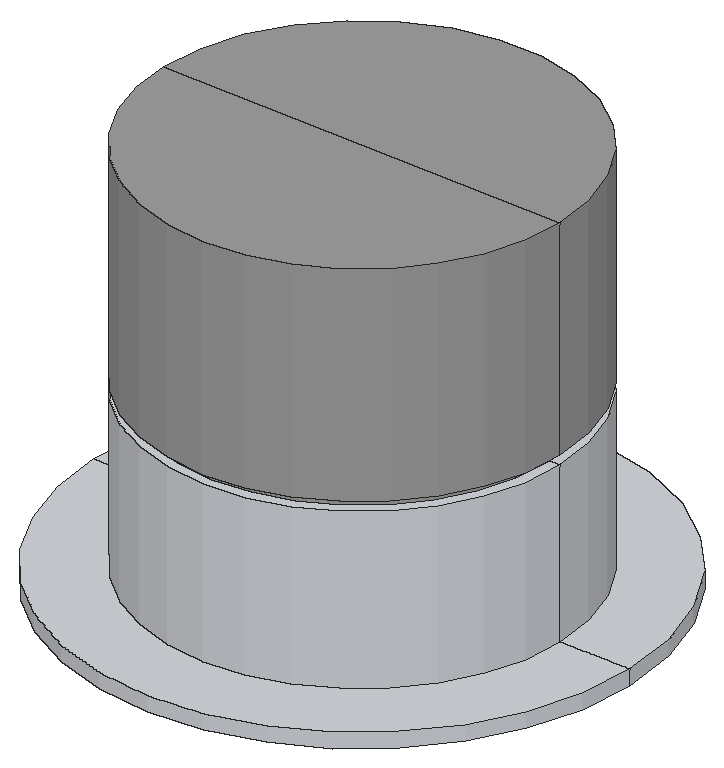
Revit family "Fazer", category Lighting Fixtures, host Ceiling, Revit 2015
Parameters (values of type "Fazer/Narrow/4.2W/350mA/927/Bronze")
  Weight = 70  # constant formula
  built-in parameter 1150103 = 4.2 W
  Wattage = "4.2W"  # constant formula
  WarrantyStartDate [instance] = "www.johncullenlighting.co.uk/terms_and_conditions/"  # constant formula
  WarrantyGuarantorParts = "www.johncullenlighting.co.uk/terms_and_conditions/"  # constant formula
  WarrantyGuarantorLabor = "www.johncullenlighting.co.uk/terms_and_conditions/"  # constant formula
  WarrantyDurationUnit = "www.johncullenlighting.co.uk/terms_and_conditions/"  # constant formula
  WarrantyDurationParts = "www.johncullenlighting.co.uk/terms_and_conditions/"  # constant formula
  WarrantyDurationLabor = "www.johncullenlighting.co.uk/terms_and_conditions/"  # constant formula
  WarrantyDescription = "Refer to John Cullen Lighting Ltd - Terms and Conditions document"  # constant formula
  built-in parameter 1150110 = 1 (stored number, unit not read)
  Version = "1"
  Uniclass2 = "Pr_70_70_48_71 Recessed luminaires"  # constant formula
  URL = "http://www.johncullenlighting.co.uk/products/downlights/fazer-led-downlight/?product_search=fazer"
  Type Comments = "Copyright © John Cullen 2017. John Cullen reserve the right to change the design and specification of our product range without prior notice. E&OE"  # constant formula
  built-in parameter 1114217 = 1 (stored number, unit not read)
  Tilt Angle = 90.00°
  built-in parameter 1150109 = 1 (stored number, unit not read)
  built-in parameter 1150134 = (empty or 0)
  TagNumber [instance] = "n/a"
  SustainabilityPerformance = "n/a"
  built-in parameter 1150113 = 1 (stored number, unit not read)
  SupplyCircuitConductorConnections = "n/a"
  Size = "D45x50"  # constant formula
  Shape = "Round"
  SerialNumber [instance] = "n/a"
  Revision = "n/a"
  ReplacementCost = "n/a"
  ProductInformation = "http://www.johncullenlighting.co.uk/products/downlights/fazer-led-downlight/?product_search=fazer"
  ProductClass = "Class III"  # constant formula
  PhotometricPerformance = "n/a"
  Photometric Web File = "Fazer-Narrow-927-350.IES"
  NominalWidth = 45 mm  # constant formula
  NominalLength = 45 mm  # constant formula
  NominalHeight = 50 mm  # constant formula
  Name = "Fazer"  # constant formula
  NBSTypeID = "n/a"
  NBSReference = "n/a"
  NBSOfficeMasterTag = "n/a"
  NBSNote = "n/a"
  NBSDescription = "General purpose luminaires are described by characteristics such as standards, photometric performance and supply circuit conductor connections.\r\nAn example use may be within a hard wired general lighting system."  # constant formula
  NBSCertification = "n/a"
  ModelReference = "n/a"
  ModelNumber = "DLFN27062"
  Model = "Fazer"  # constant formula
  MaxAmbientTemperature = 43.00°
  Material = "Aluminium"
  ManufacturerURL = "www.johncullenlighting.co.uk"
  ManufacturerName = "John Cullen Lighting Ltd"  # constant formula
  Manufacturer = "John Cullen Lighting Ltd"  # constant formula
  built-in parameter 1150105 = 26.504 (stored number, unit not read)
  Lumens = 333.06 lm
  LuminaireType = "n/a"
  LuminairePowerFactor = "n/a"
  LuminaireLumens = "333 lm"
  built-in parameter 1150115 = 1 (stored number, unit not read)
  built-in parameter 1150137 = (empty or 0)
  built-in parameter 1150139 = (empty or 0)
  LampType = "LED"  # constant formula
  LampRating = "n/a"
  LampLumens = "365 lm"
  LampColourTemperature = "2700K"  # constant formula
  LampColourRendering = "94 Ra"
  built-in parameter 1150112 = 1 (stored number, unit not read)
  built-in parameter 1150114 = 1 (stored number, unit not read)
  Lamp = "LED"  # constant formula
  Keynote = "Technical data figures are for guidance only and are subject to ±5% tolerance"  # constant formula
  InternalFuse = "n/a"
  InsulationStandardClass = "Class III"  # constant formula
  InstallationDate [instance] = "Confirm via installer"  # constant formula
  built-in parameter 1150132 = (empty or 0)
  built-in parameter 1150102 = (empty or 0)
  built-in parameter 1150107 = 2700 (stored number, unit not read)
  built-in parameter 1150138 = (empty or 0)
  IngressProtection = "IP20"  # constant formula
  built-in parameter 1150106 = 0.26504 (stored number, unit not read)
  IfcExportType = "n/a"
  IfcExportAs = "n/a"
  Grade = "n/a"
  ForwardVoltage = "12V DC"  # constant formula
  Finish = "Bronze"
  Features = "n/a"
  ExpectedLife = "Lifetime L70/B10 >50,000 hrs"  # constant formula
  built-in parameter 1150104 = 7.3672 (stored number, unit not read)
  Efficacy = "79.3 lm/W"
  DurationUnit = "year"
  Dimming Lamp Color Temperature Shift = <None>
  Description = "Mini directional downlight for reduced ceiling heights"  # constant formula
  CurrentRating = "350mA"  # constant formula
  Cost = 0
  ControlGearPosition = "Remote"  # constant formula
  Constituents = "n/a"
  Color Filter = 16777215
  Color = "Bronze"
  CodePerformance = "DLFN27062"
  Category = "n/a"
  CableType = "2 Core Silicon"  # constant formula
  CableSize = "6.4mm OD - 2of 24/0.2 Tinned Copper Wire"  # constant formula
  CableLength = 185 mm  # constant formula
  Beam Width = "Narrow"
  BarCode [instance] = "n/a"
  BallastCELMAEnergyEfficiencyIndex = "See driver specification"  # constant formula
  built-in parameter 1114218 = 1 (stored number, unit not read)
  BIMObjectName = "Fazer"  # constant formula
  Author = "John Cullen Lighting Ltd"  # constant formula
  built-in parameter 1150133 = 10 (stored number, unit not read)
  AssetType = "n/a"
  AssetIdentifier [instance] = "n/a"
  Assembly Code = "n/a"
  AccessibilityPerformance = "n/a"
Types (6, lengths in mm): name | Photometric Web File | ModelNumber | built-in parameter 1150105 | Lumens | LuminaireLumens | built-in parameter 1150106 | Finish | built-in parameter 1150104 | Efficacy | Color | CodePerformance | Beam Width
  Fazer/Narrow/4.2W/350mA/927/Aluminium | "Fazer-Narrow-927-350.IES" | "DLFN27102" | 26.504 (stored number, unit not read) | 333.06 lm | "333 lm" | 0.26504 (stored number, unit not read) | "Aluminium" | 7.3672 (stored number, unit not read) | "79.3 lm/W" | "Aluminium" | "DLFN27102" | "Narrow"
  Fazer/Narrow/4.2W/350mA/927/Bronze | "Fazer-Narrow-927-350.IES" | "DLFN27062" | 26.504 (stored number, unit not read) | 333.06 lm | "333 lm" | 0.26504 (stored number, unit not read) | "Bronze" | 7.3672 (stored number, unit not read) | "79.3 lm/W" | "Bronze" | "DLFN27062" | "Narrow"
  Fazer/Narrow/4.2W/350mA/927/White | "Fazer-Narrow-927-350.IES" | "DLFN27012" | 26.504 (stored number, unit not read) | 333.06 lm | "333 lm" | 0.26504 (stored number, unit not read) | "White" | 7.3672 (stored number, unit not read) | "79.3 lm/W" | "White" | "DLFN27012" | "Narrow"
  Fazer/Wide/4.2W/350mA/927/White | "Fazer-Wide-927-350.IES" | "DLFW27012" | 1398.9 (stored number, unit not read) | 247.8 lm | "248 lm" | 13.989 (stored number, unit not read) | "White" | 5.4813 (stored number, unit not read) | "59 lm/W" | "White" | "DLFW27012" | "Wide"
  Fazer/Wide/4.2W/350mA/927/Bronze | "Fazer-Wide-927-350.IES" | "DLFW27062" | 1398.9 (stored number, unit not read) | 247.8 lm | "248 lm" | 13.989 (stored number, unit not read) | "Bronze" | 5.4813 (stored number, unit not read) | "59 lm/W" | "Bronze" | "DLFW27062" | "Wide"
  Fazer/Wide/4.2W/350mA/927/Aluminium | "Fazer-Wide-927-350.IES" | "DLFW27102" | 1398.9 (stored number, unit not read) | 247.8 lm | "248 lm" | 13.989 (stored number, unit not read) | "Aluminium" | 5.4813 (stored number, unit not read) | "59 lm/W" | "Aluminium" | "DLFW27102" | "Wide"
Reference planes
  plane 1 "Center (Front/Back)": y = 0
  plane 2: z = 0
  plane 3 "Center (Left/Right)": x = 0
  plane 4 "Ceiling": z = 4000
Forms (mm)
  Revolve 1, solid, material "Default"
    sketch origin (0, 0, -1.5) x (1, 0, 0) y (0, 0, 1)
      loop
        line (0, 4039.4) -> (0, 4018.4) -> (14.5, 4018.4) -> (14.5, 4000) -> (15.5, 4000) -> (15.5, 4018.4) -> (20, 4018.4) -> (20, 4039.4) -> (0, 4039.4)
      axis (0, 4039.4) -> (0, 4000)
    angle from 0 to 360
  Extrusion 2, void
    sketch origin (0, 0, 4000) x (0, 1, 0) y (-1, 0, 0)
      loop
        circle (0, 0) r 23
    from 0 to 50
  Revolve 3, solid
    sketch origin (0, 0, 0) x (1, 0, 0) y (0, 0, 1)
      loop
        line (27, 3998.5) -> (27, 4000) -> (20, 4000) -> (20, 4016) -> (19, 4016) -> (19, 4000) -> (16, 4000) -> (16, 3998.5) -> (27, 3998.5)
      axis (0, 3998.5) -> (0, 4016)
    angle from 0 to 360
Dimensions and locks
  equal spacing: host sketch curve, plane 3 "Center (Left/Right)", host sketch curve
  equal spacing: host sketch curve, plane 1 "Center (Front/Back)", host sketch curve
  host sketch curve to host sketch curve = 4000 mm  (x2)
  plane 4 "Ceiling" to host ceiling = 0 mm
